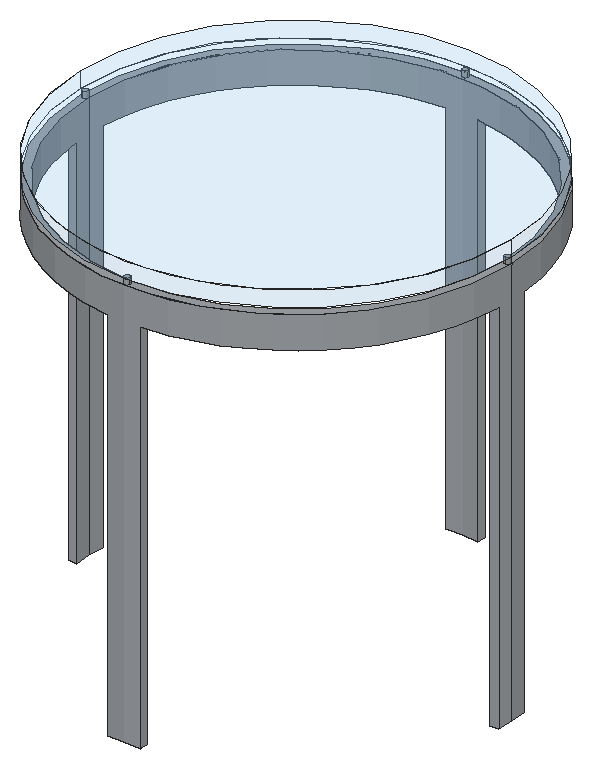
Revit family
Parameters
  URL = "http://www.martinbrattrud.com"
  Table Top [instance] = none
  SCS Certified Product = "Yes"
  Model = "Lundin 1006-20CH"
  Manufacturer = "Martin Brattrud, Inc."
  Leg [instance] = none
  Keynote = "125000"
  Copyright = "© 2013 Martin Brattrud, Inc."
  Authoring Version = "Revit Architecture 2010"
  Assembly Code = "E2020200"
Reference planes (in)
  plane 1 "Center Front/Back": y = 0
  plane 2: z = 0
  plane 3 "Center Left/Right": x = 0
Forms (in)
  Extrusion 1, solid, material <- "Table Top"
    sketch origin (0, 0, 0) x (1, 0, 0) y (0, 1, 0)
      loop
        circle (0, 0) r 10
    from 19.25 to 20
  Extrusion 2, solid, material <- "Leg"
    sketch origin (0, 0, 0) x (1, 0, 0) y (0, 1, 0)
      loop
        circle (0, 0) r 10
      loop
        circle (0, 0) r 9.625
    from 0 to 19
  Extrusion 3, void
    sketch origin (0, 0, 0) x (1, 0, 0) y (0, 1, 0)
      loop
        arc (-0.75, 9.97184) -> (-7.07107, 7.07107) -> (-9.97184, 0.75) r 10
        line (-9.97184, 0.75) -> (-0.75, 0.75) -> (-0.75, 9.97184)
      loop
        line (0.75, 9.97184) -> (0.75, 0.75) -> (9.97184, 0.75)
        arc (9.97184, 0.75) -> (7.07107, 7.07107) -> (0.75, 9.97184) r 10
      loop
        line (-0.75, -9.97184) -> (-0.75, -0.75) -> (-9.97184, -0.75)
        arc (-9.97184, -0.75) -> (-7.07107, -7.07107) -> (-0.75, -9.97184) r 10
      loop
        line (9.97184, -0.75) -> (0.75, -0.75) -> (0.75, -9.97184)
        arc (0.75, -9.97184) -> (7.07107, -7.07107) -> (9.97184, -0.75) r 10
    from 0 to 17.5
  Extrusion 4, solid, material <- "Leg"
    sketch origin (0, 0, 0) x (1, 0, 0) y (0, 1, 0)
      loop
        circle (0, 9.79985) r 0.125
      loop
        circle (0, -9.79985) r 0.125
      loop
        circle (-9.79985, 0) r 0.125
      loop
        circle (9.79985, 0) r 0.125
    from 19 to 19.25
Cuts and joins
  Extrusion 3 cuts Extrusion 2
